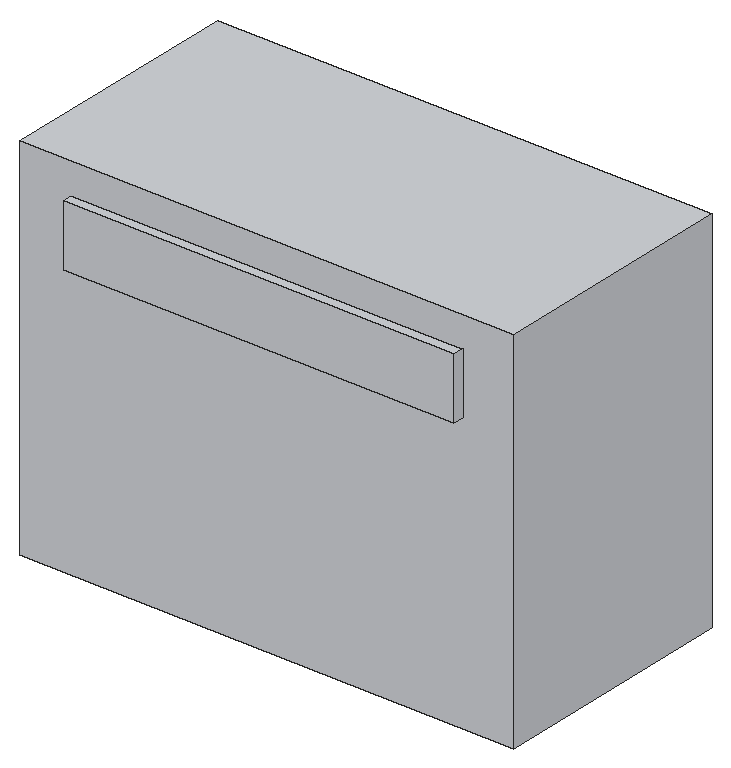
Revit family "fd3a21d2fa6145069260368b2eb4c80f", category Air Terminals, host Face, Revit 2021
Family settings
  Host = Face
  Round Connector Dimension = Use Diameter
  Part Type = Normal
  OmniClass Number = 23.40.40.14.21.11
  OmniClass Title = Food Service Hoods
  Seek Item ID = Grease Hood - Bottom Discharge - Compensating - Wall-0000-USA-ENU
  Cut with Voids When Loaded = No
  Shared = No
  Room Calculation Point = No
Parameters (values of type "Standard")
  Voltage = 120 V
  Supply Pressure Drop [instance] = 0.25 in-wg
  Supply Air Width [instance] = 18"
  Supply Air Height [instance] = 8"
  Supply Air Flow [instance] = 1250 CFM
  Number of Poles = 1
  Load Classification = Cooling
  Hood Width [instance] = 3' - 0"
  Hood Material = none
  Hood Length [instance] = 4' - 0"
  Hood Height [instance] = 2' - 0"
  Half Hood Width [instance] = 1 / 2 * Hood Width  # 1' - 6"
  Half Hood Length [instance] = 1 / 2 * Hood Length  # 2' - 0"
  Exhaust Pressure Drop [instance] = 0.55 in-wg
  Exhaust Air Width [instance] = 18"
  Exhaust Air Height [instance] = 8"
  Exhaust Air Flow [instance] = 50 FPM * Hood Width * Hood Length  # 600 CFM
  Default Elevation = 3' - 0"
  C2 Offset 2 [instance] = 1' - 3"
  C2 Offset 1 [instance] = 0' - 1"
  C1 Offset 2 [instance] = 1' - 3"
  C1 Offset 1 [instance] = 0' - 1 5/8"
  Apparent Load [instance] = 65.00 W/ft² * Hood Width * Hood Length  # 780 VA
Reference planes (in)
  plane 1 "Center (Front/Back)": y = 0
  plane 2: z = 0
  plane 3 "Center (Left/Right)": x = 0
  plane 4: x = -24
  plane 5: x = 24
  plane 6: y = -1
  plane 7: y = 24
  plane 8: y = 25
  plane 9: x = -19
  plane 10: x = 19
  plane 11: z = 36
  plane 12: z = 18
  plane 13: z = 33
  plane 14: z = 27
  plane 15: z = 35
  plane 16: z = 1.625
  plane 17: x = -9
  plane 18: x = -9
  plane 19: x = -18
Forms (in)
  Extrusion 1, solid, material <- "Hood Material"
    sketch origin (0, 0, 0) x (1, 0, 0) y (0, 1, 0)
      loop
        line (-24, 24) -> (-24, 0) -> (24, 0) -> (24, 24) -> (-24, 24)
    from 0 to 36
  Extrusion 2, solid, material <- "Hood Material"
    sketch origin (0, 0, 0) x (1, 0, 0) y (0, 0, 1)
      loop
        line (-19, 33) -> (-19, 27) -> (19, 27) -> (19, 33) -> (-19, 33)
    from 0 to 1
  Extrusion 3, solid, material <- "Hood Material"
    sketch origin (0, 0, 0) x (1, 0, 0) y (0, 0, 1)
      loop
        line (9, 35) -> (-9, 35) -> (-9, 27) -> (9, 27) -> (9, 35)
      loop
        line (-9, 1.625) -> (9, 1.625) -> (9, 9.625) -> (-9, 9.625) -> (-9, 1.625)
    from -25 to -24
  Extrusion 4, solid, material <- "Hood Material"
    sketch origin (0, 0, 0) x (1, 0, 0) y (0, 0, 1)
      loop
        circle (-18, 18) r 2
    from -24 to 0
Cuts and joins
  joined: Extrusion 1, Extrusion 2, Extrusion 3, Extrusion 4
Dimensions and locks (in)
  equal spacing: plane 4, plane 3 "Center (Left/Right)", plane 5
  locked: plane 1 "Center (Front/Back)" to plane 6 at 1
  "Hood Height": plane 1 "Center (Front/Back)" to plane 7
  locked: plane 8 to plane 7 at 1
  locked: plane 4 to plane 9 at 5
  locked: plane 10 to plane 5 at 5
  equal spacing: plane 11, plane 12, plane 2
  "Hood Width": plane 11 to plane 2
  locked: plane 11 to plane 13 at 3
  locked: plane 13 to plane 14 at 6
  "C2 Offset 1": plane 15 to plane 11
  "C1 Offset 1": plane 2 to plane 16
  "C2 Offset 2": plane 4 to plane 17
  "C1 Offset 2": plane 4 to plane 18
  "Supply Air Width": Extrusion 3 sketch curve to Extrusion 3 sketch curve
  "Supply Air Height": Extrusion 3 sketch curve to Extrusion 3 sketch curve
  "Exhaust Air Width": Extrusion 3 sketch curve to Extrusion 3 sketch curve
  "Exhaust Air Height": Extrusion 3 sketch curve to Extrusion 3 sketch curve
  locked: plane 4 to plane 19 at 6
  "Half Hood Length": plane 4 to plane 3 "Center (Left/Right)"
  radius of Extrusion 4 sketch curve = 0' - 2"
  aligned and locked: host face to plane 2
  aligned and locked: host face to level
  aligned and locked: plane 4 to Extrusion 1 sketch curve
  aligned and locked: Extrusion 1 sketch curve to plane 7
  aligned and locked: plane 1 "Center (Front/Back)" to Extrusion 1 sketch curve
  aligned and locked: Extrusion 1 sketch curve to plane 5
  aligned and locked: plane 11 to Extrusion 1
  aligned and locked: Extrusion 1 to plane 2
  aligned and locked: plane 9 to Extrusion 2 sketch curve
  aligned and locked: Extrusion 2 sketch curve to plane 13
  aligned and locked: plane 14 to Extrusion 2 sketch curve
  aligned and locked: Extrusion 2 sketch curve to plane 10
  aligned and locked: plane 15 to Extrusion 3 sketch curve
  aligned and locked: plane 17 to Extrusion 3 sketch curve
  aligned and locked: plane 16 to Extrusion 3 sketch curve
  aligned and locked: Extrusion 3 sketch curve to plane 18
  aligned and locked: Extrusion 2 to plane 1 "Center (Front/Back)"
  aligned and locked: Extrusion 2 to plane 6
  aligned and locked: plane 8 to Extrusion 3
  aligned and locked: Extrusion 3 to plane 7
  aligned and locked: plane 12 to Extrusion 4 sketch curve
  aligned and locked: plane 19 to Extrusion 4 sketch curve
  aligned and locked: plane 7 to Extrusion 4
  aligned and locked: plane 1 "Center (Front/Back)" to Extrusion 4
Automatic sketch dimensions
  host sketch curve to host sketch curve = 17' - 2.95707"
  host sketch curve to host sketch curve = 14' - 3.71218"
Connectors (in)
  hvac at (0, 25, 5.625), driven by "Exhaust Pressure Drop", driven by "Exhaust Air Flow", driven by "Exhaust Air Height", driven by "Exhaust Air Width"
    settings: on Extrusion 3, index 1, duct flow 600 CFM, flow factor 0, pres drop 0.55 in-wg, loss coef 0, conn angle 0.00°, conn width 18", conn height 8", conn diameter 24", duct sys type 3, conn prof type 1, flow config 1, flow direction 2, loss method 4, conn ref index -1, conn util no, is conn primary yes, conn desc ""
  hvac at (0, 25, 31), driven by "Supply Pressure Drop", driven by "Supply Air Flow", driven by "Supply Air Height", driven by "Supply Air Width"
    settings: on Extrusion 3, index 2, duct flow 1250 CFM, flow factor 0, pres drop 0.25 in-wg, loss coef 0, conn angle 0.00°, conn width 18", conn height 8", conn diameter 24", duct sys type 1, conn prof type 1, flow config 1, flow direction 1, loss method 4, conn ref index -1, conn util no, is conn primary no, conn desc ""
  electrical at (-18, 24, 18), driven by "Apparent Load", driven by "Voltage", driven by "Number of Poles", driven by "Load Classification"
    settings: on Extrusion 4, index 3, voltage 120 V, apparent load 780 VA, apparent load phase1 0 VA, apparent load phase2 0 VA, apparent load phase3 0 VA, power factor 0.8, load classification "Cooling", number of poles 1, system type 30, power factor state 1, is connector primary yes, connector utility no, sub classification motor no, connector description ""
